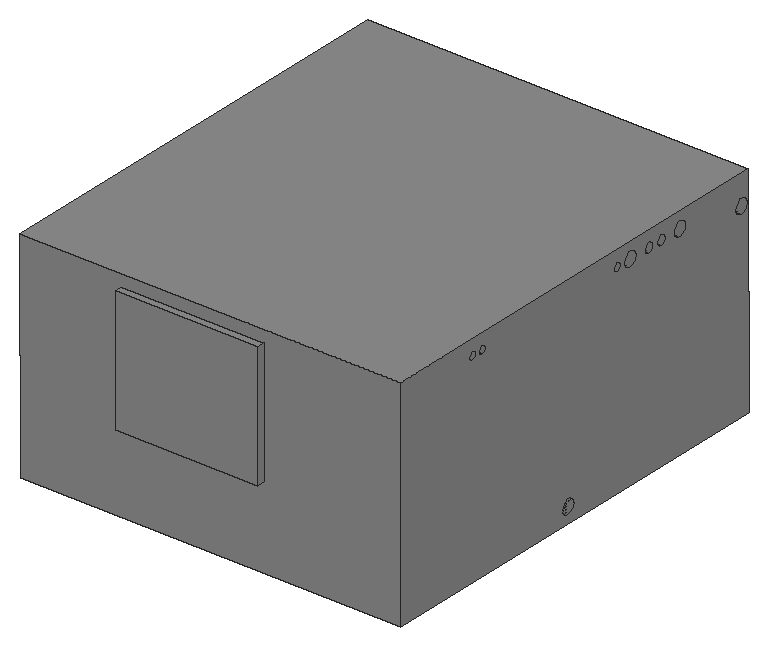
Revit family
Parameters (values of type "40RUA07")
  Width = 2' - 4 3/16"
  Voltage = 0 V
  Version = 1
  Unit Material = Paint - Carrier - American Sterling Gray
  UV-C Germicidal Lamp [instance] = no
  URL = "www.carrier.com"
  Type Comments = "10 Tons DX Coil Packed Air-Handling Unit"
  Return Air Intake Length = 3' - 6 3/4"
  Duct Width = 1' - 4 1/16"
  Duct Length = 1' - 6 3/8"
  Duct Height = 0' - 1"
  TXV Bulb Connection Size = 7/8"
  TXV Bulb Connection Radius = TXV Bulb Connection Size / 2  # 0' - 0 7/16"
  Suction Connection Size = 1 1/8"
  Suction Connection Radius = Suction Connection Size / 2  # 0' - 0 9/16"
  Subbase [instance] = no
  Steam Heating Coil [instance] = no
  Right Clearance = 2' - 6"
  Return Air Grille [instance] = no
  Programmable Thermostats [instance] = no
  Prepainted Units [instance] = no
  Overhead Suspension Package [instance] = no
  Model = "40RUA07"
  Manufacturer = "Carrier"  # constant formula
  MOCP = 0 A
  MCA = 0 A
  Liquid Connection Size = 5/8"
  Liquid Connection Radius = Liquid Connection Size / 2  # 0' - 0 5/16"
  Length = 4' - 1"
  Left Clearance = 2' - 6"
  Hot Water Heating Coils [instance] = no
  Height = 4' - 8 1/16"
  Bottom Return Air Intake Width = 1' - 6 1/2"
  Bottom Clearance = 2' - 6"
  Fan Radius = 1' - 0"
  Electric Heat [instance] = no
  Economizer [instance] = no
  Drain Connection Size = 1 1/4"
  Drain Connection Radius = Drain Connection Size / 2  # 0' - 0 5/8"
  Disclaimer = "Manufacturer reserves the right to change, at any time, specifications and designs without notice and without obligation.  Please verify critical parameters with local Carrier commercial sales office."  # constant formula
  Discharge Plenum [instance] = no
  Condensate Drain Trap [instance] = no
  CO2 Sensors [instance] = no
  CFM (nominal) = 0 CFM
  Top Clearance = 0' - 3"
  Back Return Air Intake Height = 1' - 5 1/4"
  Assembly Code = "D3050200"
  Alternate Fan Motors [instance] = no
  Alternate Drives [instance] = no
Types (7): name | Type Comments | Duct Width | Duct Length | Suction Connection Size | Suction Connection Radius | Model | Liquid Connection Size | Liquid Connection Radius
  (no name) | "10 Tons DX Coil Packed Air-Handling Unit" | 1' - 4 1/16" | 1' - 6 3/8" | 1 1/8" | 0' - 0 9/16" | "40RUA07" | 5/8" | 0' - 0 5/16"
  40RUA07 | "10 Tons DX Coil Packed Air-Handling Unit" | 1' - 4 1/16" | 1' - 6 3/8" | 1 1/8" | 0' - 0 9/16" | "40RUA07" | 5/8" | 0' - 0 5/16"
  40RUA08 | "7.5 Tons  DX Coil Packed Air-Handling Unit" | 1' - 4" | 1' - 6" | 1 1/8" | 0' - 0 9/16" | "40RUA08" | 5/8" | 0' - 0 5/16"
  40RUA12 | "10 Tons  DX Coil Packed Air-Handling Unit" | 1' - 4" | 1' - 6" | 1 1/8" | 0' - 0 9/16" | "40RUA12" | 5/8" | 0' - 0 5/16"
  40RUS08 | "7.5 Tons" | 1' - 4" | 1' - 6" | 1 3/8" | 0' - 0 11/16" | "40RUS08 Chilled Water Coil Packed Air-Handling Unit" | 1 3/8" | 0' - 0 11/16"
  40RUS12 | "10 Tons Chilled Water Coil Packed Air-Handling Unit" | 1' - 4" | 1' - 6" | 1 3/8" | 0' - 0 11/16" | "40RUS12" | 1 3/8" | 0' - 0 11/16"
  40RUS10 | "8.5 Tons Chilled Water Coil Packed Air-Handling Unit" | 1' - 4" | 1' - 6" | 1 3/8" | 0' - 0 11/16" | "40RUS10" | 1 3/8" | 0' - 0 11/16"
Reference planes (in)
  plane 1 "Center (Front/Back)": y = 0
  plane 2: z = 0
  plane 3 "Center (Left/Right)": x = 0
  plane 4 "Top Face of Unit": z = 28.1875
  plane 5 "Front Face of Unit": z = 0
  plane 6 "Left Face of Unit": x = -24.5
  plane 7 "Right Face of Unit": x = 24.5
  plane 8 "Top/Back Clearance Line": z = 31.1875
  plane 9 "Left Clearance Line": x = -54.5
  plane 10 "Right Clearance Line": x = 54.5
  plane 11 "Bottom/Front Clearance Line": z = -30
  plane 12 "Front Side of Unit": y = -28.03125
  plane 13 "Bottom of Unit": z = 0
  plane 14 "Duct Left Edge": x = -11.4375
  plane 15 "Duct Right Edge": x = 6.9375
  plane 16 "Duct Back Edge": z = 26.5625
  plane 17 "Duct Front Edge": z = 10.5
  plane 18 "Duct Face": y = -29.03125
  plane 19 "Side Connections Centerline": z = 26.1875
  plane 20 "Lower Suction Connection Centerline": y = 16.96875
  plane 21 "Lower Liquid Connection Centerline": y = 13.96875
  plane 22 "Upper Liquid Connection Centerline": y = 11.96875
  plane 23 "Upper Suction Connection Centerline": y = 8.96875
  plane 24 "TXV Bulb Connection": y = 6.84375
  plane 25 "Top Power Entry Centerline": y = -16.40625
  plane 26 "Lower Power Entry Centerline": y = -14.90625
  plane 27 "Drain Connection Centerline": y = 26.90625
  plane 28 "Drain Centerline - Horizontal": z = 24.4375
  plane 29 "Front Drain Centerline Vertical": z = 2
  plane 30 "Front Drain Centerline Horizontal": y = -1.03125
  plane 31 "Back Face of Unit": y = 28.03125
  plane 32 "Left Edge of Intake": x = -21.375
  plane 33 "Right Edge of Intake": x = 21.375
  plane 34 "Back Edge of Intake": y = 21.28125
  plane 35 "Front Edge of Intake": y = 2.78125
  plane 36 "Top Edge of Intake": z = 20.9375
  plane 37 "Bottom Edge of Intake": z = 3.6875
Forms (in)
  Extrusion 1, solid, material "Paint - Carrier - American Sterling Gray" <- "Unit Material"
    sketch origin (0, 28.03125, 14.09375) x (1, 0, 0) y (0, 0, 1)
      loop
        line (-24.5, -14.09375) -> (24.5, -14.09375) -> (24.5, 14.09375) -> (-24.5, 14.09375) -> (-24.5, -14.09375)
    from 0 to 56.0625
  Extrusion 2, solid, material "Paint - Carrier - American Sterling Gray", detail levels medium+fine
    sketch origin (0, -28.03125, 0) x (-1, 0, 0) y (0, 0, -1)
      loop
        line (11.4375, -10.5) -> (-6.9375, -10.5) -> (-6.9375, -26.5625) -> (11.4375, -26.5625) -> (11.4375, -10.5)
    from 0 to 1
  Extrusion 3, solid, material "Paint - Carrier - American Sterling Gray" <- "Unit Material", detail levels fine
    sketch origin (24.5, 28.03125, 14.09375) x (0, 0, 1) y (0, -1, 0)
      loop
        circle (12.09375, 44.4375) r 0.4375
    from 0 to -0.5
  Extrusion 4, solid, material "Paint - Carrier - American Sterling Gray" <- "Unit Material", detail levels fine
    sketch origin (24.5, 28.03125, 14.09375) x (0, 0, 1) y (0, -1, 0)
      loop
        circle (12.09375, 42.9375) r 0.4375
    from 0 to -0.5
  Extrusion 5, solid, material "Paint - Carrier - American Sterling Gray" <- "Unit Material", detail levels fine
    sketch origin (24.5, 28.03125, 14.09375) x (0, 0, 1) y (0, -1, 0)
      loop
        circle (12.09375, 21.1875) r 0.4375
    from 0 to -0.5
  Extrusion 6, solid, material "Paint - Carrier - American Sterling Gray" <- "Unit Material", detail levels fine
    sketch origin (24.5, 28.03125, 14.09375) x (0, 0, 1) y (0, -1, 0)
      loop
        circle (12.09375, 19.0625) r 0.875
    from 0 to -0.5
  Extrusion 7, solid, material "Paint - Carrier - American Sterling Gray" <- "Unit Material", detail levels fine
    sketch origin (24.5, 28.03125, 14.09375) x (0, 0, 1) y (0, -1, 0)
      loop
        circle (12.09375, 16.0625) r 0.5625
    from 0 to -0.5
  Extrusion 8, solid, material "Paint - Carrier - American Sterling Gray" <- "Unit Material", detail levels fine
    sketch origin (24.5, 28.03125, 14.09375) x (0, 0, 1) y (0, -1, 0)
      loop
        circle (12.09375, 14.0625) r 0.5625
    from 0 to -0.5
  Extrusion 9, solid, material "Paint - Carrier - American Sterling Gray" <- "Unit Material", detail levels fine
    sketch origin (24.5, 28.03125, 14.09375) x (0, 0, 1) y (0, -1, 0)
      loop
        circle (12.09375, 11.0625) r 0.875
    from 0 to -0.5
  Extrusion 10, solid, material "Paint - Carrier - American Sterling Gray" <- "Unit Material", detail levels fine
    sketch origin (24.5, 28.03125, 14.09375) x (0, 0, 1) y (0, -1, 0)
      loop
        circle (10.34375, 1.125) r 0.875
    from 0 to -0.5
  Extrusion 11, solid, material "Paint - Carrier - American Sterling Gray" <- "Unit Material", detail levels fine
    sketch origin (24.5, 28.03125, 14.09375) x (0, 0, 1) y (0, -1, 0)
      loop
        circle (-12.09375, 29.0625) r 0.875
    from 0 to -0.5
  Extrusion 12, solid, material "Paint - Carrier - American Sterling Gray" <- "Unit Material", detail levels medium+fine
    sketch origin (0, 0, 0) x (-1, 0, 0) y (0, -1, 0)
      loop
        line (21.375, -2.78125) -> (-21.375, -2.78125) -> (-21.375, -21.28125) -> (21.375, -21.28125) -> (21.375, -2.78125)
    from 0 to 0.5
  Extrusion 13, solid, material "Paint - Carrier - American Sterling Gray" <- "Unit Material", detail levels medium+fine
    sketch origin (0, 28.03125, 0) x (0, 0, 1) y (1, 0, 0)
      loop
        line (3.6875, -21.375) -> (20.9375, -21.375) -> (20.9375, 21.375) -> (3.6875, 21.375) -> (3.6875, -21.375)
    from 0 to -0.5
Lines and regions (in)
  symbolic lines, style "Clearance Zones", detail levels fine
    curve 1: line (-54.5, -29.03125, 0) -> (54.5, -29.03125, 0)
    curve 2: line (-54.5, 28.03125, 0) -> (-54.5, -29.03125, 0)
    curve 3: line (54.5, 28.03125, 0) -> (-54.5, 28.03125, 0)
    curve 4: line (54.5, -29.03125, 0) -> (54.5, 28.03125, 0)
  model lines, detail levels medium+fine
    curve 5: line (-22, 24.53125, 0) -> (22, 24.53125, 0)
    curve 6: line (-22, 1.25, 0) -> (-22, 24.53125, 0)
    curve 7: line (22, 1.25, 0) -> (-22, 1.25, 0)
    curve 8: line (22, 24.53125, 0) -> (22, 1.25, 0)
    curve 9: line (-22, -1.25, 0) -> (22, -1.25, 0)
    curve 10: line (-22, -25.53125, 0) -> (-22, -1.25, 0)
    curve 11: line (22, -25.53125, 0) -> (-22, -25.53125, 0)
    curve 12: line (22, -1.25, 0) -> (22, -25.53125, 0)
    curve 13: line (-24.5, 24.53125, 24.1875) -> (-24.5, 24.53125, 4)
    curve 14: line (-24.5, -25.53125, 4) -> (-24.5, -25.53125, 24.1875)
    curve 15: line (-24.5, 24.53125, 4) -> (-24.5, -25.53125, 4)
    curve 16: line (24.5, 24.53125, 4) -> (24.5, 24.53125, 24.1875)
    curve 17: line (24.5, -25.53125, 4) -> (24.5, 24.53125, 4)
    curve 18: line (24.5, -25.53125, 24.1875) -> (24.5, -25.53125, 4)
    curve 19: line (24.5, 24.53125, 24.1875) -> (24.5, -25.53125, 24.1875)
  model lines
    curve 20: line (-24.5, 24.53125, 24.1875) -> (-24.5, -25.53125, 24.1875)
Dimensions and locks (in)
  equal spacing: plane 6 "Left Face of Unit", plane 3 "Center (Left/Right)", plane 7 "Right Face of Unit"
  "Length": plane 6 "Left Face of Unit" to plane 7 "Right Face of Unit"
  "Left Clearance": plane 9 "Left Clearance Line" to plane 6 "Left Face of Unit"
  "Right Clearance": plane 7 "Right Face of Unit" to plane 10 "Right Clearance Line"
  locked: plane 6 "Left Face of Unit" to plane 14 "Duct Left Edge" at 13.0625
  "Duct Length": plane 14 "Duct Left Edge" to plane 15 "Duct Right Edge"
  locked: curve 10 to plane 6 "Left Face of Unit" at 2.5
  locked: plane 7 "Right Face of Unit" to curve 12 at 2.5
  locked: plane 12 "Front Side of Unit" to curve 11 at 2.5
  locked: curve 11 to curve 9 at 24.28125
  locked: curve 9 to curve 7 at 2.5
  curve 15 to plane 5 "Front Face of Unit" = 0' - 4"
  plane 12 "Front Side of Unit" to curve 14 = 0' - 2 1/2"
  locked: plane 19 "Side Connections Centerline" to plane 4 "Top Face of Unit" at 2
  locked: plane 28 "Drain Centerline - Horizontal" to plane 4 "Top Face of Unit" at 3.75
  locked: plane 5 "Front Face of Unit" to plane 29 "Front Drain Centerline Vertical" at 2
  locked: curve 20 to plane 4 "Top Face of Unit" at 4
  locked: plane 31 "Back Face of Unit" to curve 13 at 3.5
  "Width": plane 4 "Top Face of Unit" to plane 13 "Bottom of Unit"
  locked: plane 27 "Drain Connection Centerline" to plane 31 "Back Face of Unit" at 1.125
  locked: plane 20 "Lower Suction Connection Centerline" to plane 31 "Back Face of Unit" at 11.0625
  locked: plane 21 "Lower Liquid Connection Centerline" to plane 31 "Back Face of Unit" at 14.0625
  locked: plane 22 "Upper Liquid Connection Centerline" to plane 31 "Back Face of Unit" at 16.0625
  locked: plane 23 "Upper Suction Connection Centerline" to plane 31 "Back Face of Unit" at 19.0625
  locked: plane 24 "TXV Bulb Connection" to plane 31 "Back Face of Unit" at 21.1875
  locked: plane 26 "Lower Power Entry Centerline" to plane 31 "Back Face of Unit" at 42.9375
  locked: plane 25 "Top Power Entry Centerline" to plane 31 "Back Face of Unit" at 44.4375
  locked: plane 30 "Front Drain Centerline Horizontal" to plane 31 "Back Face of Unit" at 29.0625
  plane 4 "Top Face of Unit" to plane 16 "Duct Back Edge" = 0' - 1 5/8"
  "Duct Width": plane 16 "Duct Back Edge" to plane 17 "Duct Front Edge"
  locked: curve 5 to plane 31 "Back Face of Unit" at 3.5
  locked: plane 6 "Left Face of Unit" to plane 32 "Left Edge of Intake" at 3.125
  "Return Air Intake Length": plane 32 "Left Edge of Intake" to plane 33 "Right Edge of Intake"
  locked: plane 31 "Back Face of Unit" to plane 34 "Back Edge of Intake" at 6.75
  "Bottom Return Air Intake Width": plane 34 "Back Edge of Intake" to plane 35 "Front Edge of Intake"
  locked: Extrusion 12 to plane 13 "Bottom of Unit" at 0.5
  locked: plane 37 "Bottom Edge of Intake" to plane 13 "Bottom of Unit" at 3.6875
  "Back Return Air Intake Height": plane 36 "Top Edge of Intake" to plane 37 "Bottom Edge of Intake"
  locked: plane 31 "Back Face of Unit" to Extrusion 13 at 0.5
  radius of Extrusion 3 sketch curve = 0' - 0 7/16"
  radius of Extrusion 4 sketch curve = 0' - 0 7/16"
  radius of Extrusion 5 sketch curve = 0' - 0 7/16"
  radius of Extrusion 6 sketch curve = 0' - 0 7/8"
  radius of Extrusion 7 sketch curve = 0' - 0 9/16"
  radius of Extrusion 8 sketch curve = 0' - 0 9/16"
  radius of Extrusion 9 sketch curve = 0' - 0 7/8"
  radius of Extrusion 10 sketch curve = 0' - 0 7/8"
  radius of Extrusion 11 sketch curve = 0' - 0 7/8"
  aligned and locked: level to plane 2
  aligned and locked: plane 10 "Right Clearance Line" to curve 4
  aligned and locked: curve 2 to plane 9 "Left Clearance Line"
  aligned and locked: level to plane 13 "Bottom of Unit"
  aligned and locked: plane 4 "Top Face of Unit" to Extrusion 1 sketch curve
  aligned and locked: Extrusion 1 sketch curve to plane 6 "Left Face of Unit"
  aligned and locked: plane 7 "Right Face of Unit" to Extrusion 1
  aligned and locked: plane 5 "Front Face of Unit" to Extrusion 1
  aligned and locked: Extrusion 1 to plane 12 "Front Side of Unit"
  aligned: Extrusion 1 to plane 13 "Bottom of Unit"
  aligned and locked: plane 16 "Duct Back Edge" to Extrusion 2 sketch curve
  aligned and locked: plane 15 "Duct Right Edge" to Extrusion 2 sketch curve
  aligned and locked: Extrusion 2 sketch curve to plane 14 "Duct Left Edge"
  aligned and locked: Extrusion 2 sketch curve to plane 17 "Duct Front Edge"
  aligned and locked: Extrusion 2 to plane 12 "Front Side of Unit"
  aligned and locked: Extrusion 2 to plane 18 "Duct Face"
  aligned and locked: curve 10 to curve 6
  aligned and locked: curve 8 to curve 12
  aligned and locked: curve 14 to curve 18
  aligned and locked: curve 15 to curve 17
  aligned and locked: curve 13 to curve 16
  aligned and locked: plane 19 "Side Connections Centerline" to Extrusion 3 sketch curve
  aligned and locked: plane 25 "Top Power Entry Centerline" to Extrusion 3 sketch curve
  aligned and locked: plane 7 "Right Face of Unit" to Extrusion 3
  aligned and locked: plane 19 "Side Connections Centerline" to Extrusion 4 sketch curve
  aligned and locked: plane 26 "Lower Power Entry Centerline" to Extrusion 4 sketch curve
  aligned and locked: plane 19 "Side Connections Centerline" to Extrusion 5 sketch curve
  aligned and locked: plane 24 "TXV Bulb Connection" to Extrusion 5 sketch curve
  aligned and locked: plane 23 "Upper Suction Connection Centerline" to Extrusion 6 sketch curve
  aligned and locked: plane 19 "Side Connections Centerline" to Extrusion 6 sketch curve
  aligned and locked: plane 19 "Side Connections Centerline" to Extrusion 7 sketch curve
  aligned and locked: plane 22 "Upper Liquid Connection Centerline" to Extrusion 7 sketch curve
  aligned and locked: plane 19 "Side Connections Centerline" to Extrusion 8 sketch curve
  aligned and locked: plane 21 "Lower Liquid Connection Centerline" to Extrusion 8 sketch curve
  aligned and locked: plane 19 "Side Connections Centerline" to Extrusion 9 sketch curve
  aligned and locked: plane 20 "Lower Suction Connection Centerline" to Extrusion 9 sketch curve
  aligned and locked: plane 28 "Drain Centerline - Horizontal" to Extrusion 10 sketch curve
  aligned and locked: plane 27 "Drain Connection Centerline" to Extrusion 10 sketch curve
  aligned and locked: plane 7 "Right Face of Unit" to Extrusion 10
  aligned and locked: plane 7 "Right Face of Unit" to Extrusion 9
  aligned and locked: plane 7 "Right Face of Unit" to Extrusion 8
  aligned and locked: plane 7 "Right Face of Unit" to Extrusion 7
  aligned and locked: plane 7 "Right Face of Unit" to Extrusion 6
  aligned and locked: plane 7 "Right Face of Unit" to Extrusion 5
  aligned and locked: plane 7 "Right Face of Unit" to Extrusion 4
  aligned and locked: plane 29 "Front Drain Centerline Vertical" to Extrusion 11 sketch curve
  aligned and locked: plane 30 "Front Drain Centerline Horizontal" to Extrusion 11 sketch curve
  aligned and locked: plane 7 "Right Face of Unit" to Extrusion 11
  aligned and locked: curve 20 to curve 19
  aligned and locked: plane 31 "Back Face of Unit" to Extrusion 1
  aligned and locked: plane 31 "Back Face of Unit" to curve 3
  aligned and locked: plane 18 "Duct Face" to curve 1
  aligned and locked: plane 33 "Right Edge of Intake" to Extrusion 12 sketch curve
  aligned and locked: Extrusion 12 sketch curve to plane 32 "Left Edge of Intake"
  aligned and locked: plane 34 "Back Edge of Intake" to Extrusion 12 sketch curve
  aligned and locked: Extrusion 12 sketch curve to plane 35 "Front Edge of Intake"
  aligned and locked: Extrusion 12 to plane 13 "Bottom of Unit"
  aligned and locked: Extrusion 13 sketch curve to plane 32 "Left Edge of Intake"
  aligned and locked: plane 33 "Right Edge of Intake" to Extrusion 13 sketch curve
  aligned and locked: plane 36 "Top Edge of Intake" to Extrusion 13 sketch curve
  aligned and locked: Extrusion 13 sketch curve to plane 37 "Bottom Edge of Intake"
  aligned and locked: plane 31 "Back Face of Unit" to Extrusion 13
Automatic sketch dimensions
  Extrusion 1 sketch curve to plane 7 "Right Face of Unit" = 0' - 0"
  Extrusion 1 sketch curve to level = 0' - 0"
Connectors (in)
  hvac at (-2.25, -29.03125, 18.53125), driven by "Duct Length", driven by "Duct Width", driven by "CFM (nominal)"
    settings: on Extrusion 2, index 1, duct flow 0 CFM, flow factor 0, pres drop 0.00 in-wg, loss coef 0, conn angle 0.00°, conn width 18 3/8", conn height 16 1/16", conn radius 12", duct sys type 1, conn prof type 1, flow config 0, flow direction 2, loss method 0, conn ref index -1, conn util no, is conn primary yes, conn desc "Top Supply Air"
  piping at (24.5, 16.96875, 26.1875), driven by "Suction Connection Radius"
    settings: on Extrusion 9, index 3, connector radius 9/16", flow factor 0, pipe flow 0 GPM, pressure drop 0.00 psi, fitting loss kfactor 0, connector angle 0.00°, fixture units 0, flow configuration 1, flow direction 2, fitting loss method 0, system type 22, connector reference index -1, connector utility 0, adjustable connector no, is connector primary yes, fitting loss table "", connector description "Lower Suction Connection"
  piping at (24.5, 13.96875, 26.1875), driven by "Liquid Connection Radius"
    settings: on Extrusion 8, index 4, connector radius 5/16", flow factor 0, pipe flow 0 GPM, pressure drop 0.00 psi, fitting loss kfactor 0, connector angle 0.00°, fixture units 0, flow configuration 1, flow direction 1, fitting loss method 0, system type 22, connector reference index -1, connector utility 0, adjustable connector no, is connector primary no, fitting loss table "", connector description "Lower Liquid Connection"
  piping at (24.5, 11.96875, 26.1875), driven by "Liquid Connection Radius"
    settings: on Extrusion 7, index 5, connector radius 5/16", flow factor 0, pipe flow 0 GPM, pressure drop 0.00 psi, fitting loss kfactor 0, connector angle 0.00°, fixture units 0, flow configuration 1, flow direction 1, fitting loss method 0, system type 22, connector reference index -1, connector utility 0, adjustable connector no, is connector primary no, fitting loss table "", connector description "Upper Liquid Connection"
  piping at (24.5, 8.96875, 26.1875), driven by "Suction Connection Radius"
    settings: on Extrusion 6, index 6, connector radius 9/16", flow factor 0, pipe flow 0 GPM, pressure drop 0.00 psi, fitting loss kfactor 0, connector angle 0.00°, fixture units 0, flow configuration 1, flow direction 2, fitting loss method 0, system type 22, connector reference index -1, connector utility 0, adjustable connector no, is connector primary no, fitting loss table "", connector description "Upper Suction Connection"
  piping at (24.5, 6.84375, 26.1875), driven by "TXV Bulb Connection Radius"
    settings: on Extrusion 5, index 7, connector radius 7/16", flow factor 0, pipe flow 0 GPM, pressure drop 0.00 psi, fitting loss kfactor 0, connector angle 0.00°, fixture units 0, flow configuration 1, flow direction 1, fitting loss method 0, system type 22, connector reference index -1, connector utility 0, adjustable connector no, is connector primary no, fitting loss table "", connector description "TXV Bulb"
  electrical at (24.5, -16.40625, 26.1875)
    settings: on Extrusion 3, index 8, voltage 0 V, apparent load 0 VA, apparent load phase1 0 VA, apparent load phase2 0 VA, apparent load phase3 0 VA, power factor 1, load classification "Power", number of poles 3, system type 30, power factor state 1, is connector primary yes, connector utility no, sub classification motor no, connector description "Power Supply"
  electrical at (24.5, -14.90625, 26.1875)
    settings: on Extrusion 4, index 9, voltage 0 V, apparent load 0 VA, apparent load phase1 0 VA, apparent load phase2 0 VA, apparent load phase3 0 VA, power factor 1, load classification "Motor", number of poles 3, system type 30, power factor state 1, is connector primary no, connector utility no, sub classification motor no, connector description "Optional Fan Motor"
  piping at (24.5, -1.03125, 2), driven by "Drain Connection Radius"
    settings: on Extrusion 11, index 10, connector radius 5/8", flow factor 0, pipe flow 0 GPM, pressure drop 0.00 psi, fitting loss kfactor 0, connector angle 0.00°, fixture units 0, flow configuration 1, flow direction 2, fitting loss method 0, system type 16, connector reference index -1, connector utility 0, adjustable connector no, is connector primary no, fitting loss table "", connector description "Front Drain"
  hvac at (0, 12.03125, 0), driven by "Return Air Intake Length", driven by "Bottom Return Air Intake Width"
    settings: on Extrusion 12, index 11, duct flow 0 CFM, flow factor 0, pres drop 0.00 in-wg, loss coef 0, conn angle 0.00°, conn width 42 3/4", conn height 18 1/2", conn radius 12", duct sys type 2, conn prof type 1, flow config 0, flow direction 1, loss method 0, conn ref index -1, conn util no, is conn primary no, conn desc "Bottom Return Air Intake"
  hvac at (0, 28.03125, 12.3125), driven by "Return Air Intake Length", driven by "Back Return Air Intake Height"
    settings: on Extrusion 13, index 12, duct flow 0 CFM, flow factor 0, pres drop 0.00 in-wg, loss coef 0, conn angle 0.00°, conn width 42 3/4", conn height 17 1/4", conn radius 12", duct sys type 2, conn prof type 1, flow config 0, flow direction 1, loss method 0, conn ref index -1, conn util no, is conn primary no, conn desc "Back Return Air Intake"
